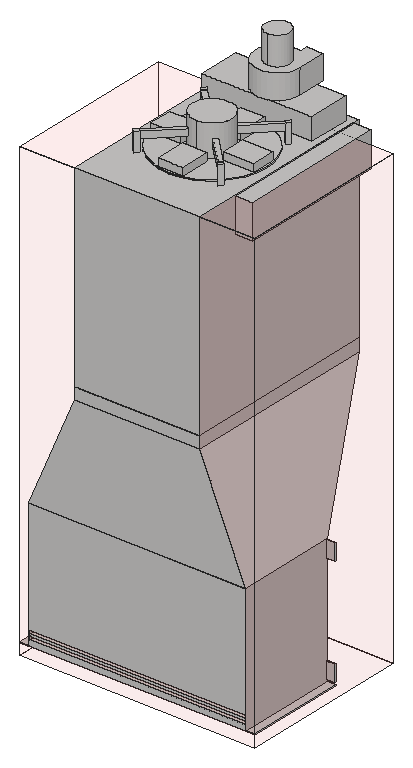
Revit family "Air-Curtain_Industrial_PoweredAire_Gas-Indirect-1Heater", category Mechanical Equipment, host Face, Revit 2023
Family settings
  Host = Face
  Round Connector Dimension = Use Diameter
  Part Type = Normal
  OmniClass Number = 23.75.35.17.21
  OmniClass Title = Air Curtains
  Cut with Voids When Loaded = No
  Maintain Annotation Orientation = No
  Shared = No
  Room Calculation Point = No
Parameters
  topbracket [instance] = Unit Height = 1' 4 3/4"  # yes
  Warranty Duration (Years) = 0
  Unit Width Notes = "Other Widths available."  # constant formula
  Unit Width = 3' - 3"
  Unit Weight = 0
  Unit Height = 1' - 4 3/4"
  Unit Depth = 1' - 9 1/4"
  URL = "http://www.poweredaire.com/"
  Test Data = ""
  Standards Conformance = "as Specified"
  Specification = "http://www.arcat.com/sdspecs/htm04/23_34_33pai.htm"
  SpecWizard = ""
  Sound Pressure = "as Specified"
  Sales Information = "http://www.poweredaire.com/contact_us"
  Revision = "R1_2016-08"
  Projection from Host [instance] = 0' - 2"
  Product Properties = ""
  Product Data = "http://www.arcat.com/arcatcos/cos47/arc47623.html"
  Power Rating = 0 W
  Piping_Operating Pressure [instance] = 0.00 psi
  Pipe OD [instance] = 5/8"
  Overall Depth = 6' - 1 3/4"
  Nozzle Width = if(1 = 1, Unit Width - 0' 3", 0' 0")  # 3' - 0"
  Mounting Width = if(1 = 1, Unit Width - 0' 1 1/2", 0' 0")  # 3' - 1 1/2"
  Mounting Height [instance] = 3' - 6"
  Motor RPM = 0
  Motor HP = 0
  Motor Count = 0
  Model = "As Specified"
  Max Height = 0' - 0"
  Manufacturer Website = "http://www.poweredaire.com/"
  Manufacturer Phone - Toll Free = "888-321-2473"
  Manufacturer Phone = "724-588-3305"
  Manufacturer Fax = "724-588-3371"
  Manufacturer Address = "109 Mortensen Rd.  Greenville, PA 16125"
  Manufacturer = "Powered Aire, Inc"
  Maintenance Schedule (Months) = 0
  Keynote = "23 34 33"
  Installation-Fabrication = ""
  Installation Phase = ""
  Include Clearance [instance] = yes
  Heating Element Load = 0 W
  Heater Weight = 0
  Heater Hanging Width = 1' - 6 5/8"
  Heater Finish [instance] = Metal - Steel - PoweredAire - Stainless 304
  HVAC_Temperature Rise = 0 °F
  HVAC_Primary CFM = 0 CFM
  HVAC_Outlet Volume = 0 CFM
  HVAC_Outlet Velocity Uniformity = 0
  HVAC_Outlet Velocity = 0 FPM
  HVAC_Exit Temperature [instance] = 0 °F
  HVAC_BTU Output = 0.0 Btu/h
  HVAC_BTU Input = 0.0 Btu/h
  Green Building-LEED = "http://www.arcat.com/green/clients/leed_data_47623.html"
  Gas Connection Diameter [instance] = 0"
  Frame Finish [instance] = Metal - Steel - PoweredAire - Stainless 304
  Expected Lifespan (Years) = 0
  Exhaust Connection Diameter = 0' - 5"
  Electrical_Wattage [instance] = Power Rating + Heating Element Load  # 0 W
  Electrical_Voltage [instance] = 0 V
  Electrical_Phase [instance] = 1
  Electrical_Frequency [instance] = 0 Hz
  Electrical_Amperage [instance] = 0 A
  Drawn By = "Sumex Design, Inc. / Robert S. Weygant, CSI, CDT, SCIP"
  Description = "Powered Aire Air Curtain as Specified"
  Default Elevation = 0' - 0"  # constant formula
  Copyright = "©Arcat Inc."
  Construction Details = "http://www.arcat.com/details/powair/prod3336.html"
  Clearance_Top [instance] = 1' - 0"
  Clearance_Side B [instance] = 0' - 0"
  Clearance_Side A [instance] = 0' - 0"
  Clearance_Intake [instance] = 0' - 0"
  Clearance_Bottom [instance] = 0' - 0"
  Clearance Material [instance] = ARCAT Clearance
  Building Codes = ""
  Available Options [instance] = "as Specified"
  Assembly Code = "D3090400"
Reference planes (in)
  plane 1 "Center (Elevation)": y = 0.13818
  plane 2: z = 0
  plane 3 "Center (Left/Right)": x = 0
  plane 4 "Top": y = 8.51318
  plane 5: y = -8.23682
  plane 6: x = -19.5
  plane 7: x = 19.5
  plane 8 "Front": z = 23.25
  plane 9 "FF": y = -41.86182
  plane 10: z = 2
  plane 11: x = 18
  plane 12: x = -18
  plane 13: y = 20.51318
  plane 14: y = -8.23682
  plane 15: x = -19.5
  plane 16: x = 19.5
  plane 17: z = 75.75
  plane 18: x = 17.9375
  plane 19: x = -17.9375
  plane 20: x = 18
  plane 21: x = 18
  plane 22: y = 6.01318
  plane 23: y = -5.73682
  plane 24: x = -9.3125
  plane 25: x = 9.3125
  plane 26: x = -10.375
  plane 27: x = 10.375
  plane 28: z = 75.75
  plane 29: z = 43.25
  plane 30: z = 41.25
Forms (in)
  Extrusion 1, solid, material "Metal - Steel - PoweredAire - Stainless 304" <- "Frame Finish"
    sketch origin (0, 0, 0) x (0, 1, 0) y (0, 0, 1)
      loop
        line (-8.23682, 2) -> (8.51318, 2) -> (8.51318, 23.25) -> (-8.23682, 23.25) -> (-8.23682, 2)
    from -18 to 18
  Extrusion 2, solid, material "ARCAT Clearance" <- "Clearance Material", visible <- "Include Clearance"
    sketch origin (0, 0, 0) x (0, 1, 0) y (0, 0, 1)
      loop
        line (-8.23682, 75.75) -> (-8.23682, 0) -> (20.51318, 0) -> (20.51318, 75.75) -> (-8.23682, 75.75)
    from -19.5 to 19.5
  Extrusion 3, solid, material "Metal - Steel - PoweredAire - Stainless 304" <- "Frame Finish"
    sketch origin (-15.17702, -180, 2) x (-1, 0, 0) y (0, -1, 0)
      loop
        line (-33.17702, -188.51318) -> (-33.17702, -171.76318) -> (-34.67702, -171.76318) -> (-34.67702, -188.51318) -> (-33.17702, -188.51318)
      loop
        line (2.82298, -188.51318) -> (4.32298, -188.51318) -> (4.32298, -171.76318) -> (2.82298, -171.76318) -> (2.82298, -188.51318)
    from 0 to 0.125
  Extrusion 4, solid, material "Metal - Steel - PoweredAire - Stainless 304" <- "Frame Finish", visible <- "topbracket"
    sketch origin (-11.83813, 8.51318, 48) x (-1, 0, 0) y (0, 0, 1)
      loop
        line (-29.83813, -45.5) -> (-29.83813, -42.75) -> (-31.33813, -42.75) -> (-31.33813, -45.5) -> (-29.83813, -45.5)
      loop
        line (-29.83813, -27.5) -> (-29.83813, -24.75) -> (-31.33813, -24.75) -> (-31.33813, -27.5) -> (-29.83813, -27.5)
      loop
        line (6.16187, -45.5) -> (7.66187, -45.5) -> (7.66187, -42.75) -> (6.16187, -42.75) -> (6.16187, -45.5)
      loop
        line (6.16187, -27.5) -> (7.66187, -27.5) -> (7.66187, -24.75) -> (6.16187, -24.75) -> (6.16187, -27.5)
    from 0 to -0.125
  Extrusion 5, void
    sketch origin (0, 0, 0) x (0, 1, 0) y (0, 0, 1)
      loop
        line (-8.23682, 3) -> (-7.23682, 3) -> (-7.23682, 4.5) -> (-8.23682, 4.5) -> (-8.23682, 3.82425) -> (-7.38364, 3.82425) -> (-7.38364, 3.57425) -> (-8.23682, 3.57425) -> (-8.23682, 3)
    from -17.9375 to 17.9375
  Blend 6, solid, material "Metal - Steel - PoweredAire - Stainless 304" <- "Frame Finish"
    base sketch origin (-15.17702, -180, 23.25) x (-1, 0, 0) y (0, -1, 0)
      loop
        line (2.82298, -188.51318) -> (2.82298, -171.76318) -> (-33.17702, -171.76318) -> (-33.17702, -188.51318) -> (2.82298, -188.51318)
    top sketch origin (-15.17702, -180, 23.25) x (-1, 0, 0) y (0, -1, 0)
      loop
        line (-4.80202, -171.76318) -> (-25.55202, -171.76318) -> (-25.55202, -204.76318) -> (-4.80202, -204.76318) -> (-4.80202, -171.76318)
    from 0 to 18
Cuts and joins
  Extrusion 5 cuts Extrusion 1
Dimensions and locks (in)
  equal spacing: plane 4 "Top", plane 1 "Center (Elevation)", plane 5
  "Unit Height": plane 4 "Top" to plane 5
  equal spacing: plane 6, plane 3 "Center (Left/Right)", plane 7
  "Unit Width": plane 6 to plane 7
  "Mounting Height": plane 1 "Center (Elevation)" to plane 9 "FF"
  "Projection from Host": plane 10 to level
  "Unit Depth": plane 8 "Front" to plane 10
  locked: plane 6 to plane 12 at 1.5
  locked: plane 11 to plane 7 at 1.5
  "Clearance_Side A": plane 7 to plane 16
  "Clearance_Side B": plane 15 to plane 6
  "Clearance_Top": plane 13 to plane 4 "Top"
  "Clearance_Bottom": plane 5 to plane 14
  "Clearance_Intake": plane 17 to plane 28
  Extrusion 5 sketch curve to Extrusion 5 sketch curve to Extrusion 5 sketch curve to Extrusion 5 sketch curve to plane 10 = 0' - 0.67575" locked, 0' - 0 1/4" locked, 0' - 0.57425" locked, 0' - 1" locked
  plane 5 to Extrusion 5 sketch curve to Extrusion 5 sketch curve = 0' - 0.85319" locked, 0' - 0.14681" locked
  locked: plane 19 to plane 12 at 0.0625
  locked: plane 11 to plane 18 at 0.0625
  locked: plane 20 to plane 11
  locked: plane 21 to plane 11
  locked: plane 4 "Top" to plane 22 at 2.5
  locked: plane 23 to plane 5 at 2.5
  equal spacing: plane 24, plane 3 "Center (Left/Right)", plane 25
  "Heater Hanging Width": plane 24 to plane 25
  locked: plane 25 to plane 27 at 1.0625
  locked: plane 26 to plane 24 at 1.0625
  "Overall Depth": plane 28 to plane 10
  locked: plane 29 to plane 30 at 2
  locked: plane 28 to plane 29 at 32.5
  locked: Blend 6 sketch curve to plane 5 at 33
  Extrusion 4 sketch curve to Extrusion 4 sketch curve to plane 10 = 0' - 2 3/4" locked, 0' - 0 1/2" locked  (x2)
  plane 8 "Front" to Extrusion 4 sketch curve to Extrusion 4 sketch curve = 0' - 0" locked, 0' - 2 3/4" locked  (x2)
  aligned and locked: plane 2 to host face
  aligned and locked: level to host face
  aligned and locked: Extrusion 2 sketch curve to plane 17
  aligned and locked: plane 14 to Extrusion 2 sketch curve
  aligned and locked: level to Extrusion 2 sketch curve
  aligned and locked: Extrusion 2 sketch curve to plane 13
  aligned and locked: plane 16 to Extrusion 2
  aligned and locked: Extrusion 2 to plane 15
  aligned and locked: plane 11 to Extrusion 1
  aligned and locked: Extrusion 1 to plane 12
  aligned and locked: Extrusion 1 sketch curve to plane 8 "Front"
  aligned and locked: plane 28 to nested 1
  aligned and locked: Blend 6 sketch curve to plane 5  (x2)
  aligned and locked: plane 12 to Blend 6 sketch curve
  aligned and locked: Blend 6 sketch curve to plane 11
  aligned and locked: Blend 6 sketch curve to plane 4 "Top"
  aligned and locked: Blend 6 sketch curve to plane 26
  aligned and locked: plane 27 to Blend 6 sketch curve
  aligned and locked: plane 30 to Blend 6
  aligned and locked: plane 3 "Center (Left/Right)" to nested 1
  aligned and locked: plane 18 to cut or joined group of Extrusion 1, Extrusion 5
  aligned and locked: cut or joined group of Extrusion 1, Extrusion 5 to plane 19
Automatic sketch dimensions
  host sketch curve to host sketch curve = 8' - 0"  (x2)
  plane 4 "Top" to Extrusion 3 sketch curve = 0' - 0"
  Extrusion 3 sketch curve to plane 7 = 0' - 0"
  plane 5 to Extrusion 3 sketch curve = 0' - 0"
  Extrusion 3 sketch curve to plane 11 = 0' - 0"
  Extrusion 3 sketch curve to plane 4 "Top" = 0' - 0"
  Extrusion 3 sketch curve to plane 12 = 0' - 0"
  Extrusion 3 sketch curve to plane 6 = 0' - 0"
  Extrusion 3 sketch curve to plane 5 = 0' - 0"
  Extrusion 4 sketch curve to plane 7 = 0' - 0"  (x2)
  Extrusion 4 sketch curve to plane 11 = 0' - 0"  (x2)
  Extrusion 4 sketch curve to plane 12 = 0' - 0"  (x2)
  Extrusion 4 sketch curve to plane 6 = 0' - 0"  (x2)
  Extrusion 5 sketch curve to plane 5 = 0' - 0"  (x2)
  Extrusion 1 sketch curve to plane 5 = 0' - 0"
  Extrusion 1 sketch curve to plane 4 "Top" = 0' - 0"
  Extrusion 1 sketch curve to plane 10 = 0' - 0"
Nested families (in)
  nested 1: "Heater" at (0, -8.23682, 43.2987) x (1, 0, 0) z (0, 1, 0), finish <- "Heater Finish", burner width <- "Heater Hanging Width", type "Heater"
    with finish Metal - Steel - PoweredAire - Stainless 304, burner width 1' - 6 5/8", Two Fan no, One Fan yes
Connectors (in)
  electrical at (-18, 0.13818, 12.625), driven by "Electrical_Voltage", driven by "Electrical_Phase"
    settings: on cut or joined group of Extrusion 1, Extrusion 5, index 3, voltage 0 V, apparent load 0 VA, apparent load phase1 0 VA, apparent load phase2 0 VA, apparent load phase3 0 VA, power factor 1, load classification "Motor", number of poles 1, system type 31, power factor state 1, is connector primary yes, connector utility no, sub classification motor no, connector description ""
  hvac at (3, 24.76318, 81.40625), driven by "Exhaust Connection Diameter", driven by "HVAC_Primary CFM"
    settings: on nested 1, index 4, duct flow 0 CFM, flow factor 0, pres drop 0.00 in-wg, loss coef 0, conn angle 0.00°, conn width 12", conn height 12", conn diameter 5", duct sys type 3, conn prof type 0, flow config 0, flow direction 2, loss method 0, conn ref index -1, conn util no, is conn primary yes, conn desc ""
Definition of nested family "Heater"
  Parameters
    finish [instance] = none
    burner width [instance] = 4' - 0 5/8"
    burner depth = 3' - 8 3/4"
    Two Fan [instance] = burner width > 4' 0"  # yes
    One Fan [instance] = burner width < 4' 0"  # no
    Default Elevation = 0' - 0"  # constant formula
  Reference planes (in)
    plane 1 "Center (Front/Back)": y = 0
    plane 2: z = 0
    plane 3 "Center (Left/Right)": x = 0
    plane 4: x = -25.375
    plane 5: x = 25.375
    plane 6: z = 33
    plane 7: y = -44.75
    plane 8: x = 3
    plane 9: x = 4.375
    plane 10: x = -12.6875
    plane 11: x = 12.6875
    plane 12: z = 15.5
    plane 13: x = -24.3125
    plane 14: x = 24.3125
  Forms (in)
    Extrusion 1, solid, material <- "finish"
      sketch origin (-74.94554, -3, 38.65968) x (0, 0, 1) y (1, 0, 0)
        loop
          line (-5.65968, 49.57054) -> (-5.65968, 100.32054) -> (-38.65968, 100.32054) -> (-38.65968, 49.57054) -> (-5.65968, 49.57054)
      from 3 to -29.4513
    Extrusion 2, solid, material <- "finish"
      sketch origin (0, 0, 0) x (0, 1, 0) y (0, 0, 1)
        loop
          line (2, 0) -> (2, 33) -> (0, 33) -> (0, 0) -> (2, 0)
      from -25.375 to 25.375
    Extrusion 3, solid, material <- "finish"
      sketch origin (-74.94554, -32.4513, 38.65968) x (0, 0, 1) y (1, 0, 0)
        loop
          line (-6.91591, 50.82971) -> (-6.91591, 99.10844) -> (-13.91591, 99.10844) -> (-13.91591, 50.82971) -> (-6.91591, 50.82971)
      from 0 to -3.625
    Extrusion 4, solid, material <- "finish"
      sketch origin (-74.94554, -36.0763, 38.65968) x (0, 0, 1) y (1, 0, 0)
        loop
          arc (-10.4052, 79.32054) -> (-12.67312, 72.60509) -> (-6.79809, 76.57054) r 3.74068
          line (-6.79809, 76.57054) -> (-5.65968, 76.57054) -> (-5.65968, 79.32054) -> (-10.4052, 79.32054)
      from 0 to -4.0625
    Extrusion 5, solid, material <- "finish"
      sketch origin (-73.58006, -40.1388, 35.52564) x (0, 0, -1) y (1, 0, 0)
        loop
          circle (7.27116, 74.21438) r 2
      from 4.6112 to 0
    Extrusion 6, solid, material <- "finish"
      sketch origin (0, 0, 0) x (1, 0, 0) y (0, 1, 0)
        loop
          line (28.3125, -32.4513) -> (28.3125, -26.7013) -> (25.3125, -26.7013) -> (25.3125, -32.4513) -> (28.3125, -32.4513)
      from 7.25 to 31.75
    Extrusion 7, solid, material <- "finish", visible <- "Two Fan"
      sketch origin (0, 0, 0) x (0, 1, 0) y (0, 0, 1)
        loop
          line (-32.4513, 6.22268) -> (-44.15658, 5.1986) -> (-44.15658, 4.4486) -> (-32.4513, 4.85736) -> (-32.4513, 6.22268)
      from -25.375 to 25.375
  Dimensions and locks (in)
    locked: Extrusion 4 sketch curve to Extrusion 4 sketch curve at 2.75
    "burner width": plane 13 to plane 14
    locked: plane 6 to level at 33
    "burner depth": plane 7 to plane 1 "Center (Front/Back)"
    locked: plane 8 to plane 9 at 1.375
    Extrusion 4 sketch curve to Extrusion 4 sketch curve to plane 8 = 0' - 0.99068" locked, 0' - 1 3/8" locked
    locked: Extrusion 5 sketch curve to plane 8 at 2.36568
    locked: plane 8 to plane 3 "Center (Left/Right)" at 3
    Extrusion 6 sketch curve to plane 5 to Extrusion 6 sketch curve = 0' - 0 1/16" locked, 0' - 2 15/16" locked
    equal spacing: plane 5, plane 11, plane 3 "Center (Left/Right)", plane 10, plane 4
    locked: plane 4 to plane 13 at 1.0625
    locked: plane 14 to plane 5 at 1.0625
    aligned and locked: plane 2 to level
    aligned: Extrusion 4 to Extrusion 5
    aligned: Extrusion 3 to Extrusion 2  (x2)
    aligned and locked: plane 7 to Extrusion 5
    aligned and locked: plane 4 to Extrusion 1 sketch curve
    aligned and locked: Extrusion 1 sketch curve to plane 5
    aligned and locked: Extrusion 7 to plane 4
    aligned and locked: plane 5 to Extrusion 7
    aligned and locked: plane 12 to nested 1
    aligned and locked: plane 3 "Center (Left/Right)" to nested 1
    aligned and locked: plane 12 to nested 3
    aligned and locked: plane 11 to nested 3
    aligned and locked: plane 10 to nested 2
    aligned and locked: plane 12 to nested 2
    aligned and locked: plane 5 to Extrusion 2
    aligned and locked: Extrusion 2 to plane 4
  Automatic sketch dimensions
    Extrusion 1 to Extrusion 3 sketch curve = 0' - 1.25917"
    Extrusion 1 to Extrusion 3 sketch curve = 0' - 8.25624"
    Extrusion 1 to Extrusion 3 sketch curve = 0' - 1.2121"
    Extrusion 1 to Extrusion 3 sketch curve = 0' - 1.25624"
    Extrusion 4 sketch curve to Extrusion 3 = 0' - 0.11782"
    Extrusion 4 sketch curve to Extrusion 3 = 0' - 1.25624"
    Extrusion 5 sketch curve to Extrusion 4 = 0' - 4.74552"
    Extrusion 1 sketch curve to level = 0' - 0"
    Extrusion 1 sketch curve to plane 6 = 0' - 0"
    Extrusion 2 sketch curve to level = 0' - 0"
    Extrusion 2 sketch curve to plane 1 "Center (Front/Back)" = 0' - 0"
    Extrusion 2 sketch curve to plane 6 = 0' - 0"
    Extrusion 2 sketch curve to Extrusion 2 sketch curve = 0' - 2"
    Extrusion 6 sketch curve to plane 7 = 1' - 0.2987"
    Extrusion 6 sketch curve to Extrusion 6 sketch curve = 0' - 5 3/4"
    Extrusion 7 sketch curve to plane 7 = 0' - 0.59342"
    level to Extrusion 7 sketch curve = 0' - 4.4486"
    Extrusion 7 sketch curve to Extrusion 7 sketch curve = 0' - 0 3/4"
    level to Extrusion 7 sketch curve = 0' - 4.85736"
    Extrusion 7 sketch curve to Extrusion 7 sketch curve = 0' - 11.70529"
    Extrusion 7 sketch curve to Extrusion 7 sketch curve = 0' - 1.36532"
    radius of Extrusion 5 sketch curve = 0' - 2"
  Nested families (in)
    nested 1: "FanControls" at (0, -32.4513, 15.5) x (1, 0, 0) z (0, -1, 0), finish <- "finish", visible <- "One Fan", type "FanControls"
      with finish none
    nested 2: "FanControls" at (-12.6875, -32.4513, 15.5) x (1, 0, 0) z (0, -1, 0), finish <- "finish", visible <- "Two Fan", type "FanControls"
      with finish none
    nested 3: "FanControls" at (12.6875, -32.4513, 15.5) x (1, 0, 0) z (0, -1, 0), finish <- "finish", visible <- "Two Fan", type "FanControls"
      with finish none
  Definition of nested family "FanControls"
    Parameters
      finish [instance] = none
      Default Elevation = 4' - 0"
    Reference planes (in)
      plane 1 "Center (Front/Back)": y = 0
      plane 2: z = 0
      plane 3 "Center (Left/Right)": x = 0
    Forms (in)
      Extrusion 1, solid, material <- "finish"
        sketch origin (-75.00804, 32.07233, 0) x (1, 0, 0) y (0, -1, 0)
          loop
            circle (75.00804, 32.07233) r 3.25
        from -5.33075 to 0
      Extrusion 2, solid, material <- "finish"
        sketch origin (24.44581, -78.06044, 0) x (1, 0, 0) y (0, -1, 0)
          loop
            line (-22.50831, -86.58776) -> (-22.50831, -81.58776) -> (-26.50831, -81.58776) -> (-26.50831, -86.58776) -> (-22.50831, -86.58776)
          loop
            line (-22.50831, -69.53312) -> (-26.50831, -69.53312) -> (-26.50831, -74.53312) -> (-22.50831, -74.53312) -> (-22.50831, -69.53312)
          loop
            line (-15.98099, -76.06044) -> (-20.98099, -76.06044) -> (-20.98099, -80.06044) -> (-15.98099, -80.06044) -> (-15.98099, -76.06044)
          loop
            line (-33.03563, -76.06044) -> (-33.03563, -80.06044) -> (-28.03563, -80.06044) -> (-28.03563, -76.06044) -> (-33.03563, -76.06044)
        from 0 to -1.37288
      Extrusion 3, solid, material <- "finish"
        sketch origin (-75.00804, 21.40968, 0) x (1, 0, 0) y (0, -1, 0)
          loop
            line (68.02536, 14.95733) -> (68.55569, 14.427) -> (75.00804, 20.87935) -> (81.46039, 14.427) -> (81.99072, 14.95733) -> (75.53837, 21.40968) -> (81.99072, 27.86203) -> (81.46039, 28.39236) -> (75.00804, 21.94001) -> (68.55569, 28.39236) -> (68.02536, 27.86203) -> (74.47771, 21.40968) -> (68.02536, 14.95733)
        from -3.1123 to -2
      Extrusion 4, solid, material <- "finish"
        sketch origin (-75.00804, 21.40968, 0) x (1, 0, 0) y (0, -1, 0)
          loop
            line (68.02536, 13.89667) -> (68.55569, 14.427) -> (68.02536, 14.95733) -> (67.49503, 14.427) -> (68.02536, 13.89667)
          loop
            line (82.52105, 14.427) -> (81.99072, 14.95733) -> (81.46039, 14.427) -> (81.99072, 13.89667) -> (82.52105, 14.427)
          loop
            line (81.99072, 28.92269) -> (81.46039, 28.39236) -> (81.99072, 27.86203) -> (82.52105, 28.39236) -> (81.99072, 28.92269)
          loop
            line (67.49503, 28.39236) -> (68.02536, 27.86203) -> (68.55569, 28.39236) -> (68.02536, 28.92269) -> (67.49503, 28.39236)
        from 0 to -3.1123
      Extrusion 5, solid, material <- "finish"
        sketch origin (0, 0, 0) x (1, 0, 0) y (0, 1, 0)
          loop
            circle (0, 0) r 9
        from 0 to 0.14961
    Dimensions and locks (in)
      Extrusion 4 sketch curve to Extrusion 4 sketch curve to Extrusion 4 sketch curve to Extrusion 4 sketch curve = 0' - 0.53033" locked, 0' - 0" locked, 0' - 0.53033" locked  (x4)
      Extrusion 3 sketch curve to Extrusion 3 sketch curve to Extrusion 3 sketch curve to Extrusion 3 sketch curve to Extrusion 3 sketch curve = 0' - 5.92202" locked, 0' - 0" locked, 0' - 0.53033" locked, 0' - 0" locked
      Extrusion 3 sketch curve to Extrusion 3 sketch curve to Extrusion 3 sketch curve to Extrusion 3 sketch curve to Extrusion 3 sketch curve = 0' - 0" locked, 0' - 0.53033" locked, 0' - 0" locked, 0' - 5.92202" locked
      locked: Extrusion 2 sketch curve to Extrusion 2 sketch curve at 5  (x2)
      aligned and locked: plane 2 to level
